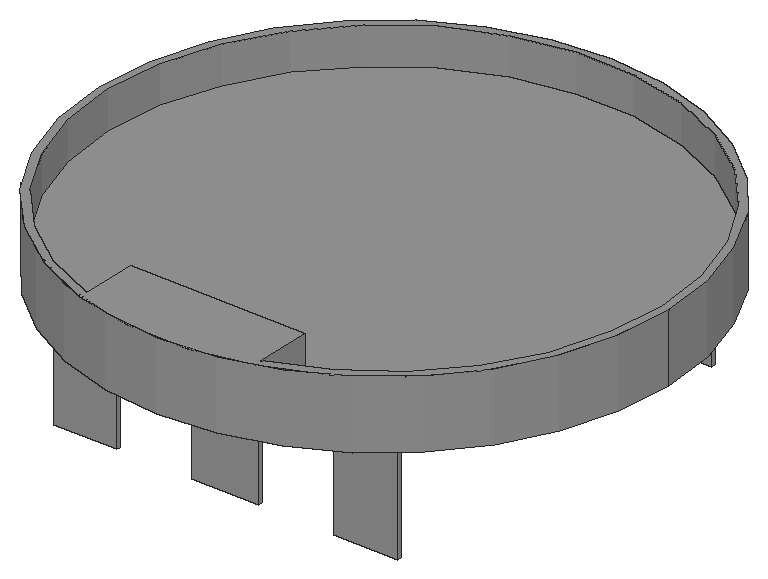
Revit family "Nivellierbare Kassette mit Schnurauslass, RKSRNUZD3, 20-25, 9", category Generic Models, Revit 2015
Parameters (values of type "RKSRN2UZD3R9VS20")
  URL = "http://www.obo-bettermann.com"
  Material = Stainless Steel, Polished
  Manufacturer Art.No. = "7409308"
  Manufacturer = "OBO Bettermann"
  Height 1 = 36.5 mm
  Height = 94 mm
  GTIN = "4012195867760"
  Diameter 1 = 295.6 mm
  Diameter = 304 mm
  Cut depth = 20 mm
  Article Type = "RKSRN2UZD3R9VS20"
Types (5, lengths in mm): name | Material | Manufacturer Art.No. | GTIN | Cut depth | Article Type
  (no name) | Stainless Steel, Polished | "7409308" | "4012195867760" | 20 | "RKSRN2UZD3R9VS20"
  RKSRN2UZD3R9VS20 | Stainless Steel, Polished | "7409308" | "4012195867760" | 20 | "RKSRN2UZD3R9VS20"
  RKSRN2UZD3R9VS25 | Stainless Steel | "7409310" | "4012195867784" | 25 | "RKSRN2UZD3R9VS25"
  RKSRN2UZD3R9MS20 | Brass, Soft Yellow, Welded | "7409302" | "4012195867746" | 20 | "RKSRN2UZD3R9MS20"
  RKSRN2UZD3R9MS25 | Brass, Soft Yellow, Welded | "7409304" | "4012195867753" | 25 | "RKSRN2UZD3R9MS25"
Reference planes
  plane 1 "Center (Front/Back)": y = 0
  plane 2: z = 0
  plane 3 "Center (Left/Right)": x = 0
  plane 4: z = 57.5
  plane 5: y = 99.5
  plane 6: y = -99.5
  plane 7: z = 94
  plane 8: z = 74
Forms (mm)
  Extrusion 1, solid, material "Stainless Steel, Polished" <- "Material"
    sketch origin (0, 0, 0) x (1, 0, 0) y (0, 1, 0)
      loop
        line (-92, 106) -> (-92, 104) -> (-58, 104) -> (-58, 106) -> (-92, 106)
      loop
        line (-18, 106) -> (-18, 104) -> (18, 104) -> (18, 106) -> (-18, 106)
      loop
        line (58, 106) -> (58, 104) -> (92, 104) -> (92, 106) -> (58, 106)
      loop
        line (-92, -104) -> (-92, -106) -> (-58, -106) -> (-58, -104) -> (-92, -104)
      loop
        line (-18, -104) -> (-18, -106) -> (18, -106) -> (18, -104) -> (-18, -104)
      loop
        line (58, -104) -> (58, -106) -> (92, -106) -> (92, -104) -> (58, -104)
    from 0 to 57.5
  Extrusion 2, solid, material "Stainless Steel, Polished" <- "Material"
    sketch origin (0, 0, 0) x (1, 0, 0) y (0, 1, 0)
      loop
        circle (0, 0) r 152
    from 57.5 to 94
  Extrusion 3, void
    sketch origin (0, 0, 0) x (1, 0, 0) y (0, 1, 0)
      loop
        line (-46.5, -140.505) -> (-46.5, -111) -> (46.5, -111) -> (46.5, -140.505)
        arc (46.5, -140.505) -> (0, 148) -> (-46.5, -140.505) r 148
    from 74 to 94
Cuts and joins
  Extrusion 3 cuts Extrusion 1
  Extrusion 3 cuts Extrusion 2
Dimensions and locks
  "Height 1": plane 7 to plane 4
  "Cut depth": plane 7 to plane 8
  locked: plane 5 to plane 6 at 199
  equal spacing: plane 5, plane 1 "Center (Front/Back)", plane 6, locked at 99.5 each
  locked: Extrusion 1 sketch curve to Extrusion 1 sketch curve at 2  (x2)
  locked: Extrusion 1 sketch curve to plane 1 "Center (Front/Back)" at 104  (x2)
  locked: Extrusion 1 sketch curve to Extrusion 1 sketch curve at 34  (x4)
  locked: Extrusion 1 sketch curve to Extrusion 1 sketch curve at 116  (x2)
  equal spacing: Extrusion 1 sketch curve, plane 3 "Center (Left/Right)", Extrusion 1 sketch curve, locked at 58 each  (x2)
  locked: Extrusion 1 sketch curve to Extrusion 1 sketch curve at 36  (x2)
  equal spacing: Extrusion 1 sketch curve, plane 3 "Center (Left/Right)", Extrusion 1 sketch curve, locked at 18 each  (x2)
  locked: Extrusion 3 sketch curve to Extrusion 3 sketch curve at 93
  equal spacing: Extrusion 3 sketch curve, plane 3 "Center (Left/Right)", Extrusion 3 sketch curve, locked at 46.5 each
  locked: Extrusion 2 to Extrusion 3 sketch curve at 41
  "Height": plane 7 to level
  "Diameter": diameter of Extrusion 2 sketch curve
  aligned and locked: level to plane 2
  aligned and locked: plane 7 to Extrusion 2
  aligned and locked: Extrusion 1 sketch curve to Extrusion 1 sketch curve  (x8)
  aligned and locked: cut or joined group of Extrusion 2, Extrusion 3 to Extrusion 3
  aligned and locked: Extrusion 3 to plane 8
  aligned and locked: Extrusion 1 to level
  aligned and locked: plane 4 to Extrusion 1
  aligned and locked: Extrusion 2 to plane 4
Automatic sketch dimensions
  plane 1 "Center (Front/Back)" to Extrusion 2 sketch curve = 0 mm
  Extrusion 2 sketch curve to plane 3 "Center (Left/Right)" = 0 mm
  plane 1 "Center (Front/Back)" to Extrusion 3 sketch curve = 0 mm
  Extrusion 3 sketch curve to plane 3 "Center (Left/Right)" = 0 mm
  Extrusion 3 sketch curve to Extrusion 3 sketch curve = 29.505 mm
